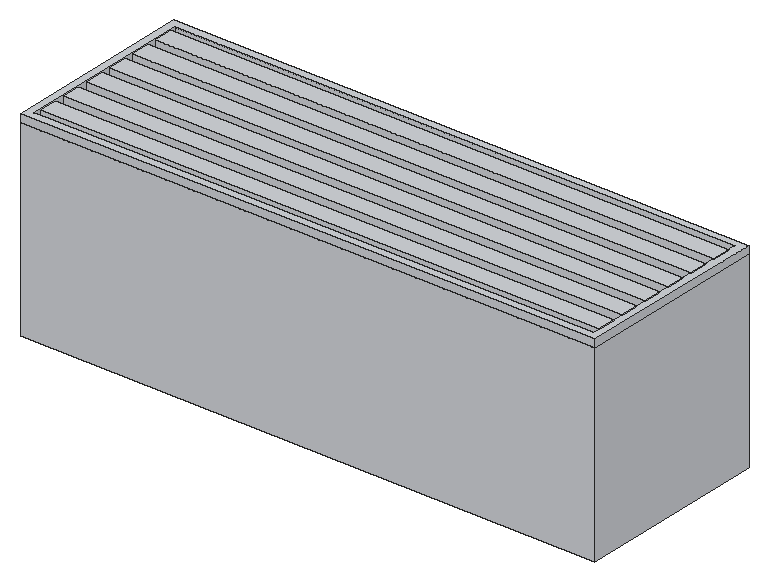
Revit family "排水沟", category 常规模型, Revit 2018
Family settings
  可将钢筋附着到主体 = 否
  圆形连接件大小 = 使用直径
  零件类型 = 标准
  加载时剪切的空心 = 否
  共享 = 否
  房间计算点 = 否
Parameters
  built-in parameter 1001306 [instance] = 1500 mm
  连接码 = ""
  起点埋深 = ""
  起点地面标高 = ""
  起始点号 = ""
  行X列 = ""
  终点埋深 = ""
  终点地面标高 = ""
  终止点号 = ""
  线型 = ""
  类型 = ""
  管线长度 = ""
  管径或断面尺寸 = ""
  电缆根数 = ""
  电压 = ""
  流向 = ""
  材质 = none
  权属单位 = ""
  新旧管线 = yes
  探测日期 = ""
  总孔数 = ""
  已用空孔 = ""
  宽度3 = 100 mm
  宽度2 = 50 mm
  宽度 = 20 mm
  宽 [instance] = 500 mm
  套管尺寸（孔径） = ""
  备注 = ""
  埋设类型 = ""
  埋设日期 = ""
Reference planes
  plane 1 "中心(前/后)": y = 0
  plane 2: z = 0
  plane 3 "左": x = 0
  plane 4 "右": x = 1500
  plane 5: y = 250
  plane 6: y = -250
Forms (mm)
  Extrusion 1, solid
    sketch origin (0, 0, 0) x (1, 0, 0) y (0, 1, 0)
      loop
        line (0, 250) -> (0, -250) -> (1500, -250) -> (1500, 250) -> (0, 250)
      loop
        line (20, 230) -> (20, -230) -> (1480, -230) -> (1480, 230) -> (20, 230)
    from 0 to 20
  Extrusion 2, solid
    sketch origin (0, 292.5, 0) x (1, 0, 0) y (0, 1, 0)
      loop
        line (20, -130) -> (1480, -130) -> (1480, -80) -> (20, -80) -> (20, -130)
    from 0 to 20
  Extrusion 3, solid
    sketch origin (0, 217.5, 0) x (1, 0, 0) y (0, 1, 0)
      loop
        line (20, -130) -> (1480, -130) -> (1480, -80) -> (20, -80) -> (20, -130)
    from 0 to 20
  Extrusion 4, solid
    sketch origin (0, 142.5, 0) x (1, 0, 0) y (0, 1, 0)
      loop
        line (20, -130) -> (1480, -130) -> (1480, -80) -> (20, -80) -> (20, -130)
    from 0 to 20
  Extrusion 5, solid
    sketch origin (0, -292.5, 0) x (1, 0, 0) y (0, 1, 0)
      loop
        line (20, 130) -> (20, 80) -> (1480, 80) -> (1480, 130) -> (20, 130)
    from 0 to 20
  Extrusion 6, solid
    sketch origin (0, -217.5, 0) x (1, 0, 0) y (0, 1, 0)
      loop
        line (20, 130) -> (20, 80) -> (1480, 80) -> (1480, 130) -> (20, 130)
    from 0 to 20
  Extrusion 7, solid
    sketch origin (0, -142.5, 0) x (1, 0, 0) y (0, 1, 0)
      loop
        line (20, 130) -> (20, 80) -> (1480, 80) -> (1480, 130) -> (20, 130)
    from 0 to 20
  Extrusion 8, solid
    sketch origin (0, 0, 0) x (0, 1, 0) y (1, 0, 0)
      loop
        line (-250, 1500) -> (-250, 0) -> (250, 0) -> (250, 1500) -> (-250, 1500)
    from 0 to 500
  Extrusion 9, void
    sketch origin (0, 0, 0) x (1, 0, 0) y (0, 1, 0)
      loop
        line (1480, 230) -> (20, 230) -> (20, -230) -> (1480, -230) -> (1480, 230)
    from -430.881 to 0
Cuts and joins
  Extrusion 9 cuts Extrusion 1
  Extrusion 9 cuts Extrusion 2
  Extrusion 9 cuts Extrusion 3
  Extrusion 9 cuts Extrusion 4
  Extrusion 9 cuts Extrusion 5
  Extrusion 9 cuts Extrusion 6
  Extrusion 9 cuts Extrusion 7
  Extrusion 9 cuts Extrusion 8
Lines and regions (mm)
  reference lines
    curve 1: line (0, 0, 0) -> (1500, 0, 0)
Dimensions and locks
  "built-in parameter 1001306": plane 3 "左" to plane 4 "右"
  equal spacing: plane 5, plane 1 "中心(前/后)", plane 6
  "宽": plane 5 to plane 6
  "宽度": Extrusion 1 sketch curve to Extrusion 1 sketch curve  (x4)
  aligned and locked: plane 4 "右" to curve 1
  aligned and locked: plane 1 "中心(前/后)" to curve 1
  aligned and locked: plane 3 "左" to curve 1
  aligned and locked: level to plane 2
  aligned and locked: Extrusion 1 sketch curve to plane 5
  aligned and locked: plane 3 "左" to Extrusion 1 sketch curve
  aligned and locked: Extrusion 1 sketch curve to plane 6
  aligned and locked: Extrusion 1 sketch curve to plane 4 "右"
  aligned and locked: Extrusion 1 to plane 5
  aligned and locked: Extrusion 8 to Extrusion 1  (x2)
  aligned and locked: Extrusion 9 to curve 1
  aligned and locked: Extrusion 9 to Extrusion 1  (x2)
Automatic sketch dimensions
  Extrusion 2 sketch curve to plane 3 "左" = 20 mm
  plane 4 "右" to Extrusion 2 sketch curve = 20 mm
  plane 5 to Extrusion 2 sketch curve = 37.5 mm
  Extrusion 2 sketch curve to Extrusion 2 sketch curve = 50 mm
  Extrusion 3 sketch curve to plane 3 "左" = 20 mm
  plane 4 "右" to Extrusion 3 sketch curve = 20 mm
  plane 5 to Extrusion 3 sketch curve = 112.5 mm
  Extrusion 3 sketch curve to Extrusion 3 sketch curve = 50 mm
  Extrusion 4 sketch curve to plane 3 "左" = 20 mm
  plane 4 "右" to Extrusion 4 sketch curve = 20 mm
  plane 1 "中心(前/后)" to Extrusion 4 sketch curve = 62.5 mm
  plane 1 "中心(前/后)" to Extrusion 4 sketch curve = 12.5 mm
  plane 3 "左" to Extrusion 5 sketch curve = 20 mm
  Extrusion 5 sketch curve to plane 4 "右" = 20 mm
  plane 6 to Extrusion 5 sketch curve = 37.5 mm
  Extrusion 5 sketch curve to Extrusion 5 sketch curve = 50 mm
  plane 3 "左" to Extrusion 6 sketch curve = 20 mm
  Extrusion 6 sketch curve to plane 4 "右" = 20 mm
  plane 6 to Extrusion 6 sketch curve = 112.5 mm
  Extrusion 6 sketch curve to Extrusion 6 sketch curve = 50 mm
  plane 3 "左" to Extrusion 7 sketch curve = 20 mm
  Extrusion 7 sketch curve to plane 4 "右" = 20 mm
  plane 1 "中心(前/后)" to Extrusion 7 sketch curve = 62.5 mm
  plane 1 "中心(前/后)" to Extrusion 7 sketch curve = 12.5 mm
  Extrusion 8 sketch curve to Extrusion 1 = 0 mm  (x3)
  Extrusion 1 to Extrusion 8 sketch curve = 0 mm
  Extrusion 9 sketch curve to Extrusion 1 = 0 mm  (x3)
  Extrusion 1 to Extrusion 9 sketch curve = 0 mm
